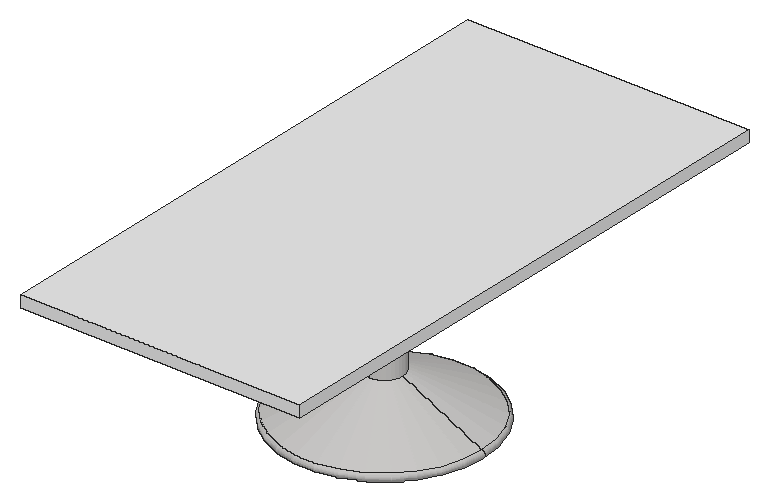
Revit family "Furniture_Table_Spacestor_Volute Breakout Table", category Furniture, Revit 2015
Parameters (values of type "coffee height rectangular - 1200w x 600d x 400h")
  top bracket [instance] = Width > 500 mm  # yes
  Width [instance] = 1200 mm
  Table Top = Spacestor White
  Square Shaped = yes
  Small Base [instance] = not(Large Base)  # yes
  Rectangular = yes
  Polished Steel = Spacestor Polished Steel
  Large Base [instance] = if(Rectangular, Depth > 799 mm, if(Circular, (Width > 999 mm), (if(Square Shaped, (Width > 799 mm), [1200 Triangle]))))  # no
  Height = 400 mm
  Depth Data [instance] = if(Rectangular, Depth, Width)  # 600 mm
  Depth [instance] = 600 mm
  Circular = no
  Base Height [instance] = if(Width > 500 mm, Height - 25 mm, Height + 7 mm)  # 375 mm
  900 triangle [instance] = and(not(or(Circular, Rectangular, Square Shaped)), Width = 900 mm)  # no
  800 Triangle [instance] = and(not(or(Circular, Rectangular, Square Shaped)), Width = 800 mm)  # no
  600 triangle [instance] = and(not(or(Circular, Rectangular, Square Shaped)), Width = 600 mm)  # no
  500 triangle [instance] = and(not(or(Circular, Rectangular, Square Shaped)), Width = 500 mm)  # no
  1200 Triangle [instance] = and(not(or(Circular, Rectangular, Square Shaped)), Width = 1200 mm)  # no
  1100 triangle [instance] = and(not(or(Circular, Rectangular, Square Shaped)), Width = 1100 mm)  # no
Types (29, lengths in mm): name | top bracket | Width | Square Shaped | Small Base | Rectangular | Large Base | Height | Depth Data | Depth | Circular | Base Height | 900 triangle | 800 Triangle | 600 triangle | 500 triangle | 1200 Triangle | 1100 triangle
  standard height bowed triangle-shaped | yes | 800 | no | yes | no | no | 755 | 800 | 500 | no | 730 | no | yes | no | no | no | no
  standard height circular - 1200 DIA x 755h | yes | 1200 | no | no | no | yes | 755 | 1200 | 0 | yes | 730 | no | no | no | no | no | no
  standard height square - 600w x 600d x 755h | yes | 600 | yes | yes | no | no | 755 | 600 | 0 | no | 730 | no | no | no | no | no | no
  standard height rectangular - 1200w x 600d x 755h | yes | 1200 | yes | yes | yes | no | 755 | 600 | 600 | no | 730 | no | no | no | no | no | no
  coffee height bowed triangle-shaped - 1100w x 1100d x 400h | yes | 1100 | no | yes | no | no | 400 | 1100 | 500 | no | 375 | no | no | no | no | no | yes
  coffee height circular - 1000 DIA x 400h | yes | 1000 | no | no | no | yes | 400 | 1000 | 0 | yes | 375 | no | no | no | no | no | no
  coffee height rectangular - 1200w x 600d x 400h | yes | 1200 | yes | yes | yes | no | 400 | 600 | 600 | no | 375 | no | no | no | no | no | no
  coffee height square - 1000w x 1000d x 400h | yes | 1000 | yes | no | no | yes | 400 | 1000 | 0 | no | 375 | no | no | no | no | no | no
  poseur height bowed triangle-shaped - 500w x 500d x 1100h | no | 500 | no | yes | no | no | 1100 | 500 | 500 | no | 1107 | no | no | no | yes | no | no
  poseur height circular - 400 DIA x 1100h | no | 400 | no | yes | no | no | 1100 | 400 | 0 | yes | 1107 | no | no | no | no | no | no
  poseur height rectangular - 1200w x 600d x 1100h | yes | 1200 | yes | yes | yes | no | 1100 | 600 | 600 | no | 1075 | no | no | no | no | no | no
  poseur height square - 600w x 600d x 1100h | yes | 600 | yes | yes | no | no | 1100 | 600 | 0 | no | 1075 | no | no | no | no | no | no
  coffee height bowed triangle-shaped - 900w x 900d x 400h | yes | 900 | no | yes | no | no | 400 | 900 | 500 | no | 375 | yes | no | no | no | no | no
  coffee height circular - 1100 DIA x 400h | yes | 1100 | no | no | no | yes | 400 | 1100 | 0 | yes | 375 | no | no | no | no | no | no
  coffee height circular - 900 DIA x 400h | yes | 900 | no | yes | no | no | 400 | 900 | 0 | yes | 375 | no | no | no | no | no | no
  coffee height rectangular - 1400w x 600d x 400h | yes | 1400 | yes | yes | yes | no | 400 | 600 | 600 | no | 375 | no | no | no | no | no | no
  coffee height square - 900w x 900d x 400h | yes | 900 | yes | no | no | yes | 400 | 900 | 0 | no | 375 | no | no | no | no | no | no
  poseur height bowed triangle-shaped - 600w x 600d x 1100h | yes | 600 | no | yes | no | no | 1100 | 600 | 600 | no | 1075 | no | no | yes | no | no | no
  poseur height circular - 500 DIA x 1100h | no | 500 | no | yes | no | no | 1100 | 500 | 0 | yes | 1107 | no | no | no | no | no | no
  poseur height circular - 600 DIA x 1100h | yes | 600 | no | yes | no | no | 1100 | 600 | 0 | yes | 1075 | no | no | no | no | no | no
  poseur height rectangular - 1400w x 600d x 1100h | yes | 1400 | yes | yes | yes | no | 1100 | 600 | 600 | no | 1075 | no | no | no | no | no | no
  poseur height square - 800w x 800d x 1100h | yes | 800 | yes | no | no | yes | 1100 | 800 | 0 | no | 1075 | no | no | no | no | no | no
  standard height bowed triangle-shaped - 1200w x 1200d x 755h | yes | 1200 | no | no | no | yes | 755 | 1200 | 1200 | no | 730 | no | no | no | no | yes | no
  standard height bowed triangle-shaped - 800w x 800d x 755h | yes | 800 | no | yes | no | no | 755 | 800 | 800 | no | 730 | no | yes | no | no | no | no
  standard height circular - 1400 DIA x 755h | yes | 1400 | no | no | no | yes | 755 | 1400 | 0 | yes | 730 | no | no | no | no | no | no
  standard height circular - 600 DIA x 755h | yes | 600 | no | yes | no | no | 755 | 600 | 0 | yes | 730 | no | no | no | no | no | no
  standard height circular - 800 DIA x 755h | yes | 800 | no | yes | no | no | 755 | 800 | 0 | yes | 730 | no | no | no | no | no | no
  standard height rectangular - 1400w x 600d x 755h | yes | 1400 | yes | yes | yes | no | 755 | 600 | 600 | no | 730 | no | no | no | no | no | no
  standard height square - 800w x 800d x 755h | yes | 800 | yes | no | no | yes | 755 | 800 | 0 | no | 730 | no | no | no | no | no | no
Reference planes
  plane 1 "Center (Front/Back)": y = 0
  plane 2: z = 0
  plane 3 "Center (Left/Right)": x = 0
Dimensions and locks
  locked: plane 1 "Center (Front/Back)" to nested 2
  "Height": nested 2 to plane 2
  aligned and locked: level to plane 2
  aligned and locked: plane 3 "Center (Left/Right)" to nested 2
Nested families
  nested 1: "Furniture_Table_Spacestor_Volute Leg" at (0, 0, 0), type "Small Base"
    with Small Base yes, Large Base no
  nested 2: "Small Table Tops" at (0, 0, 375), type "Circular"
    with Width 1200 mm, Square Shaped yes, Depth 600 mm, 900 Triangle no, 800 Triangle no, 600 Triangle no, 500 Triangle no, 1100 Triangle no
Definition of nested family "Furniture_Table_Spacestor_Volute Leg"
  Parameters (values of type "Large Base")
    WarrantyStartDate = ""
    WarrantyDescription = ""
    URL = "http://spacestor.uk.com/"
    Top Bracket = yes
    Table Top Finish = none
    Small Base = no
    SerialNumber = ""
    ModelNumber = ""
    Model = "Volute"
    Manufacturer = "Spacestor"
    Legs Finish = none
    Large Base = yes
    ExpectedLife = ""
    Description = "Volute Boardroom Barrel Shaped Table"
    Category = ""
    Base Height = 800 mm
    BarCode = ""
    Author = "http://www.YourCad.co.uk"
    AssetType = ""
    AssetIdentifier = ""
    Assembly Code = "E2020200"
  Types (2, lengths in mm): name | Base Height
    Large Base | 800
    Small Base | 375
  Reference planes
    plane 1 "Center (Front/Back)": y = 0
    plane 2: z = 0
    plane 3 "Center (Left/Right)": x = 0
  Forms (mm)
    Revolve 1, solid, material <- "Legs Finish", visible <- "Small Base"
      sketch origin (0, 0, 0) x (1, 0, 0) y (0, 0, 1)
        loop
          line (0, 0) -> (0, 100) -> (-40, 100) -> (-209.992, 17.089)
          arc (-209.992, 17.089) -> (-214.816, 6.975) -> (-206.047, 0) r 9
          line (-206.047, 0) -> (0, 0)
        axis (0, 100) -> (0, 0)
      angle from 0 to 360
    Extrusion 2, solid, material <- "Legs Finish", visible <- "Top Bracket"
      sketch origin (0, 0, 730) x (0, 1, 0) y (-1, 0, 0)
        loop
          line (-59.64, -4) -> (-4, -59.64) -> (-4, -175) -> (4, -175) -> (4, -59.64) -> (59.64, -4) -> (175, -4) -> (175, 4) -> (59.64, 4) -> (4, 59.64) -> (4, 175) -> (-4, 175) -> (-4, 59.64) -> (-59.64, 4) -> (-175, 4) -> (-175, -4) -> (-59.64, -4)
      from 70 to 38
    Extrusion 3, solid, material <- "Legs Finish", visible <- "Top Bracket"
      sketch origin (0, 0, 800) x (0, 1, 0) y (-1, 0, 0)
        loop
          line (43.64, -20) -> (225, -20) -> (225, 20) -> (43.64, 20) -> (20, 43.64) -> (20, 225) -> (-20, 225) -> (-20, 43.64) -> (-43.64, 20) -> (-225, 20) -> (-225, -20) -> (-43.64, -20) -> (-20, -43.64) -> (-20, -225) -> (20, -225) -> (20, -43.64) -> (43.64, -20)
      from 0 to -8
    Revolve 4, solid, material <- "Legs Finish", visible <- "Large Base"
      sketch origin (0, 0, 0) x (1, 0, 0) y (0, 0, 1)
        loop
          line (0, 100) -> (-100, 100) -> (-269.992, 17.089)
          arc (-269.992, 17.089) -> (-274.816, 6.975) -> (-266.047, 0) r 9
          line (-266.047, 0) -> (0, 0) -> (0, 100)
        axis (0, 100) -> (0, 0)
      angle from 0 to 360
    Revolve 5, solid, material <- "Legs Finish"
      sketch origin (0, 0, 0) x (0, 1, 0) y (0, 0, 1)
        loop
          line (0, 768) -> (0, 100) -> (40, 100) -> (40, 768) -> (0, 768)
        axis (0, 768) -> (0, 100)
      angle from 0 to 360
  Dimensions and locks
    equal spacing: Extrusion 3 sketch curve, plane 1 "Center (Front/Back)", Extrusion 3 sketch curve
    equal spacing: Extrusion 3 sketch curve, plane 3 "Center (Left/Right)", Extrusion 3 sketch curve
    "Base Height": Extrusion 3 to plane 2
    "Base Height": Extrusion 2 to plane 2
    locked: Extrusion 3 to Extrusion 2 at 32
    locked: Extrusion 2 to Revolve 5
    locked: Revolve 5 to Revolve 4
    aligned and locked: level to plane 2
    aligned and locked: Extrusion 3 to Extrusion 2
  Automatic sketch dimensions
    Revolve 1 sketch curve to level = 0 mm
    Revolve 1 sketch curve to plane 3 "Center (Left/Right)" = 0 mm  (x2)
    Revolve 1 sketch curve to plane 3 "Center (Left/Right)" = 40 mm
    level to Revolve 1 sketch curve = 9 mm
    Revolve 1 sketch curve to Revolve 1 sketch curve = 166.047 mm
    level to Revolve 1 sketch curve = 17.089 mm
    level to Revolve 1 sketch curve = 100 mm
    Revolve 1 sketch curve to Revolve 1 sketch curve = 433.979 mm
    Revolve 1 sketch curve to Revolve 1 sketch curve = 20 mm
    plane 3 "Center (Left/Right)" to Extrusion 2 sketch curve = 4 mm  (x2)
    plane 1 "Center (Front/Back)" to Extrusion 2 sketch curve = 175 mm
    plane 1 "Center (Front/Back)" to Extrusion 2 sketch curve = 59.64 mm
    Extrusion 2 sketch curve to Extrusion 2 sketch curve = 0 mm  (x4)
    plane 1 "Center (Front/Back)" to Extrusion 2 sketch curve = 4 mm  (x2)
    Extrusion 2 sketch curve to plane 1 "Center (Front/Back)" = 4 mm  (x2)
    Extrusion 2 sketch curve to plane 3 "Center (Left/Right)" = 4 mm  (x2)
    Extrusion 2 sketch curve to plane 1 "Center (Front/Back)" = 59.64 mm
    Extrusion 2 sketch curve to Extrusion 2 sketch curve = 115.36 mm  (x3)
    plane 3 "Center (Left/Right)" to Extrusion 2 sketch curve = 59.64 mm
    Extrusion 2 sketch curve to plane 3 "Center (Left/Right)" = 59.64 mm
    Extrusion 2 to Extrusion 3 sketch curve = 0 mm  (x4)
    Extrusion 3 sketch curve to Extrusion 2 = 0 mm  (x4)
    Extrusion 2 to Extrusion 3 sketch curve = 16 mm  (x6)
    Extrusion 2 to Extrusion 3 sketch curve = 50 mm  (x4)
    Revolve 4 sketch curve to level = 0 mm
    Revolve 4 sketch curve to plane 3 "Center (Left/Right)" = 0 mm  (x2)
    Revolve 4 sketch curve to plane 3 "Center (Left/Right)" = 100 mm
    level to Revolve 4 sketch curve = 9 mm
    Revolve 4 sketch curve to Revolve 4 sketch curve = 166.047 mm
    level to Revolve 4 sketch curve = 17.089 mm
    level to Revolve 4 sketch curve = 100 mm
    Revolve 4 sketch curve to level = 440.494 mm
    Revolve 4 sketch curve to Revolve 4 sketch curve = 1897.414 mm
    Revolve 5 sketch curve to plane 1 "Center (Front/Back)" = 0 mm  (x2)
    Revolve 5 sketch curve to Revolve 5 sketch curve = 40 mm
    level to Revolve 5 sketch curve = 100 mm
    Revolve 5 sketch curve to Revolve 5 sketch curve = 668 mm
    Revolve 5 sketch curve to level = 473.747 mm
    Revolve 5 sketch curve to Revolve 5 sketch curve = 1862.268 mm
Definition of nested family "Small Table Tops"
  Parameters (values of type "Circular")
    Width = 800 mm
    Table Top = none
    Square Shaped = no
    Depth = 800 mm
    Circular = no
    900 Triangle = yes
    800 Triangle = yes
    600 Triangle = yes
    500 Triangle = yes
    1200 Triangle = no
    1100 Triangle = yes
  Types (2, lengths in mm): name | Width | Square Shaped | Depth | 1200 Triangle
    Circular | 800 | no | 800 | no
    Square | 2119.785 | yes | 1000 | yes
  Reference planes
    plane 1 "Center (Front/Back)": y = 0
    plane 2: z = 0
    plane 3 "Center (Left/Right)": x = 0
  Forms (mm)
    Extrusion 1, solid, material <- "Table Top", visible <- "Square Shaped"
      sketch origin (0, 0, 0) x (1, 0, 0) y (0, 1, 0)
        loop
          line (-400, 400) -> (-400, -400) -> (400, -400) -> (400, 400) -> (-400, 400)
      from 0 to 25
    Extrusion 2, solid, material <- "Table Top", visible <- "Circular"
      sketch origin (0, 0, 0) x (1, 0, 0) y (0, 1, 0)
        loop
          circle (0, 0) r 400
      from 0 to 25
    Extrusion 3, solid, material <- "Table Top", visible <- "800 Triangle"
      sketch origin (0, 0, 0) x (1, 0, 0) y (0, 1, 0)
        loop
          arc (-400, -230.94) -> (0, -338.12) -> (400, -230.94) r 800
          arc (400, -230.94) -> (292.82, 169.06) -> (0, 461.88) r 800
          arc (0, 461.88) -> (-292.82, 169.06) -> (-400, -230.94) r 800
      from 0 to 25
    Extrusion 4, solid, material <- "Table Top", visible <- "1200 Triangle"
      sketch origin (0, 0, 0) x (1, 0, 0) y (0, 1, 0)
        loop
          arc (-600, -346.41) -> (0, -507.18) -> (600, -346.41) r 1200
          arc (600, -346.41) -> (439.23, 253.59) -> (0, 692.82) r 1200
          arc (0, 692.82) -> (-439.23, 253.59) -> (-600, -346.41) r 1200
      from 0 to 25
    Extrusion 5, solid, material <- "Table Top", visible <- "900 Triangle"
      sketch origin (0, 0, 25) x (1, 0, 0) y (0, 1, 0)
        loop
          arc (453.455, -263.321) -> (338.131, 191.517) -> (0, 516.855) r 854.366
          arc (0, 516.855) -> (-338.131, 191.517) -> (-453.455, -263.321) r 854.366
          arc (-453.455, -263.321) -> (0, -393.42) -> (453.455, -263.321) r 855.3
      from 0 to -25
    Extrusion 6, solid, material <- "Table Top", visible <- "1100 Triangle"
      sketch origin (0, 0, 25) x (1, 0, 0) y (0, 1, 0)
        loop
          arc (-556.699, -321.41) -> (0, -470.577) -> (556.699, -321.41) r 1113.397
          arc (556.699, -321.41) -> (407.532, 235.289) -> (0, 642.82) r 1113.397
          arc (0, 642.82) -> (-407.532, 235.289) -> (-556.699, -321.41) r 1113.397
      from 0 to -25
    Extrusion 7, solid, material <- "Table Top", visible <- "600 Triangle"
      sketch origin (0, 0, 25) x (1, 0, 0) y (0, 1, 0)
        loop
          arc (0, 361.88) -> (-206.218, 119.06) -> (-313.397, -180.94) r 887.444
          arc (-313.397, -180.94) -> (0, -238.12) -> (313.397, -180.94) r 887.444
          arc (313.397, -180.94) -> (206.218, 119.06) -> (0, 361.88) r 887.444
      from 0 to -25
    Extrusion 8, solid, material <- "Table Top", visible <- "500 Triangle"
      sketch origin (0, 0, 25) x (1, 0, 0) y (0, 1, 0)
        loop
          arc (0, 311.88) -> (-162.942, 94.074) -> (-270.096, -155.94) r 1148.588
          arc (-270.096, -155.94) -> (0, -188.12) -> (270.096, -155.94) r 1149.6
          arc (270.096, -155.94) -> (162.998, 94.107) -> (0, 311.88) r 1146.35
      from 0 to -25
  Dimensions and locks
    equal spacing: Extrusion 1 sketch curve, plane 3 "Center (Left/Right)", Extrusion 1 sketch curve
    equal spacing: Extrusion 1 sketch curve, plane 1 "Center (Front/Back)", Extrusion 1 sketch curve
    "Width": Extrusion 1 sketch curve to Extrusion 1 sketch curve
    "Depth": Extrusion 1 sketch curve to Extrusion 1 sketch curve
    locked: Extrusion 2 sketch curve to plane 3 "Center (Left/Right)"
    locked: Extrusion 2 sketch curve to plane 1 "Center (Front/Back)"
    "Width": diameter of Extrusion 2 sketch curve
    aligned and locked: level to plane 2
    aligned and locked: Extrusion 1 to Extrusion 5
    aligned and locked: Extrusion 6 to Extrusion 1
    aligned and locked: Extrusion 1 to Extrusion 7
    aligned and locked: Extrusion 1 to Extrusion 8
  Automatic sketch dimensions
    Extrusion 3 sketch curve to plane 3 "Center (Left/Right)" = 0 mm  (x2)
    Extrusion 3 sketch curve to Extrusion 3 sketch curve = 0 mm  (x2)
    plane 1 "Center (Front/Back)" to Extrusion 3 sketch curve = 230.94 mm  (x2)
    Extrusion 3 sketch curve to plane 3 "Center (Left/Right)" = 400 mm
    Extrusion 4 sketch curve to plane 3 "Center (Left/Right)" = 0 mm  (x2)
    plane 1 "Center (Front/Back)" to Extrusion 4 sketch curve = 346.41 mm
    Extrusion 4 sketch curve to Extrusion 4 sketch curve = 0 mm
    Extrusion 4 sketch curve to plane 3 "Center (Left/Right)" = 600 mm
    plane 3 "Center (Left/Right)" to Extrusion 4 sketch curve = 600 mm
    Extrusion 4 sketch curve to plane 1 "Center (Front/Back)" = 692.82 mm
    Extrusion 6 sketch curve to Extrusion 6 sketch curve = 0 mm  (x3)
    Extrusion 6 sketch curve to Extrusion 6 sketch curve = 556.699 mm  (x2)
    Extrusion 6 sketch curve to Extrusion 6 sketch curve = 964.23 mm
    Extrusion 5 sketch curve to Extrusion 5 sketch curve = 52.925 mm  (x2)
    Extrusion 5 sketch curve to Extrusion 5 sketch curve = 25.512 mm  (x2)
    Extrusion 5 sketch curve to Extrusion 5 sketch curve = 400.53 mm
    Extrusion 5 sketch curve to Extrusion 5 sketch curve = 699.689 mm
    Extrusion 5 sketch curve to Extrusion 5 sketch curve = 0 mm
    Extrusion 7 sketch curve to Extrusion 7 sketch curve = 0 mm
    Extrusion 7 sketch curve to Extrusion 7 sketch curve = 287.444 mm
    Extrusion 7 sketch curve to Extrusion 7 sketch curve = 313.397 mm
    Extrusion 7 sketch curve to Extrusion 7 sketch curve = 875.728 mm
    Extrusion 7 sketch curve to Extrusion 7 sketch curve = 830.264 mm
    Extrusion 7 sketch curve to Extrusion 7 sketch curve = 562.331 mm
    Extrusion 7 sketch curve to Extrusion 7 sketch curve = 973.986 mm
    Extrusion 8 sketch curve to Extrusion 8 sketch curve = 270.096 mm  (x2)
    Extrusion 8 sketch curve to Extrusion 8 sketch curve = 1.151 mm
    Extrusion 8 sketch curve to Extrusion 8 sketch curve = 1101.861 mm
    Extrusion 8 sketch curve to Extrusion 8 sketch curve = 1117.42 mm
    Extrusion 8 sketch curve to Extrusion 8 sketch curve = 829.771 mm
    Extrusion 8 sketch curve to Extrusion 8 sketch curve = 1440.548 mm
    radius of Extrusion 6 sketch curve = 1113.397 mm
